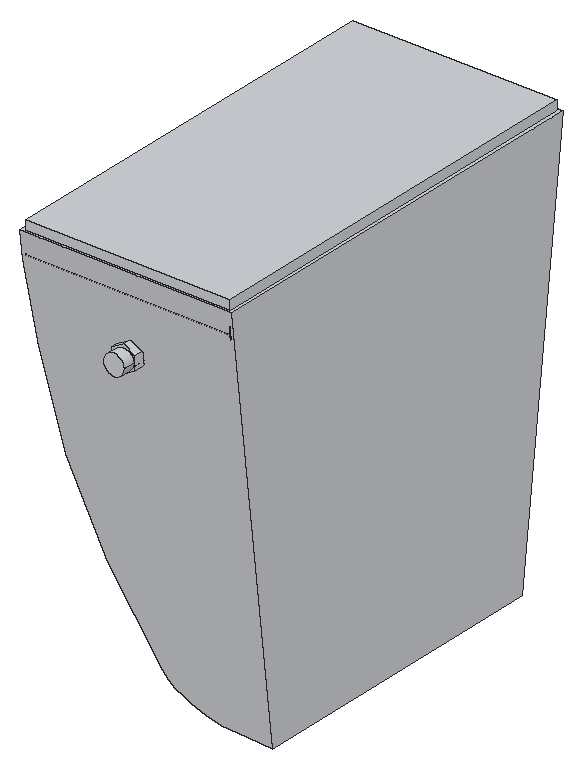
Revit family "0049945_3150lm", category Lighting Fixtures, host Face, Revit 2018
Family settings
  Host = Face
  Round Connector Dimension = Use Diameter
  Part Type = Normal
  OmniClass Number = 23.80.70.00
  OmniClass Title = Lighting
  Cut with Voids When Loaded = No
  Light Source = Yes
  Shared = No
  Room Calculation Point = No
Parameters (values of type "0049945 MURO SURF IP65 1700-3250LM 840 PH E3 GR")
  Weight = "n/a"
  Wattage Comments = ""
  Wattage = 0 W
  WarrantyStartDate [instance] = "n/a"
  WarrantyGuarantorParts = "n/a"
  WarrantyDurationUnit = "n/a"
  WarrantyDurationParts = ""
  WarrantyDescription = "http://www.sylvania-lighting.com"
  built-in parameter 1150110 = 1 (stored number, unit not read)
  Voltage = 0 V
  URL = "0.9"
  TypeName = "Muro Surface IP65 1700-3250lm 840 PH E3 Grey"
  Type Image = <None>
  Type Comments = "n/a"
  built-in parameter 1114217 = 1 (stored number, unit not read)
  Tilt Angle = -90.00°
  built-in parameter 1150109 = 1 (stored number, unit not read)
  built-in parameter 1150134 = 12
  built-in parameter 1150113 = 1 (stored number, unit not read)
  SerialNumber [instance] = "n/a"
  Photometric Web File = "0049945_3150lm.IES"
  Material_3_SYL = none
  PowerFactor = 0.95
  PowerConsumption = "Lighting"
  NominalLength = 155 mm
  NominalHeight = 305 mm
  NominalDepth = 155 mm
  Name = "Muro Surface IP65 1700-3250lm 840 PH E3 Grey"
  ModelReference = Name  # "Muro Surface IP65 1700-3250lm 840 PH E3 Grey"
  ModelNumber = "0049945"
  Model = Name  # "Muro Surface IP65 1700-3250lm 840 PH E3 Grey"
  Material = "Feilo Sylvania"
  ManufacturerName = "108 lm/W"
  Manufacturer = ""
  LuminousEfficacy = ""
  built-in parameter 1150105 = (empty or 0)
  Lumens = 0 lm
  LuminaireType = "0"
  built-in parameter 1150115 = 1 (stored number, unit not read)
  LightOutputRatio = "LED"
  built-in parameter 1150137 = (empty or 0)
  built-in parameter 1150139 = (empty or 0)
  LampsType = Lamp  # "n/a"
  LampNominalLuminous = "4000 K"
  LampMacAdamStep = "80"
  LampColourTemperature = "LED"
  LampColourRenderingIndex = "16500"
  built-in parameter 1150112 = 1 (stored number, unit not read)
  built-in parameter 1150114 = 1 (stored number, unit not read)
  Lamp = "n/a"
  Keynote = "n/a"
  InstallationDate [instance] = "n/a"
  InputVoltage = "0"
  InputNominalFrequency = "4000"
  built-in parameter 1150132 = (empty or 0)
  built-in parameter 1150102 = (empty or 0)
  built-in parameter 1150107 = 4000 (stored number, unit not read)
  built-in parameter 1150138 = (empty or 0)
  IngressProtection = "IfcLightFixtureType"
  ImpactProtectionIndex = "IfcLightFixtureType"
  built-in parameter 1150106 = (empty or 0)
  IfcExportType = "IfcLightFixtureType"
  IfcExportAs = "Class I"
  Emit from Circle Diameter = 609.6 mm
  Emit Shape Visible in Rendering = no
  ElectricShockClassification = "108"
  built-in parameter 1150104 = 11.334 (stored number, unit not read)
  DocumentationLiterature = "http://www.sylvania-lighting.com/product/en-int/products/0049945"
  DimmingControlOptions = "n/a"
  Material_2_SYL = none
  Dimming Lamp Color Temperature Shift = <None>
  Description = "Muro Surface is a wall mounted fixture for exterior lighting applications with 3 hours combined non-maintained emergency unit. Comes with aluminium housing in RAL7016 anthracite grey colour, frosted PC diffuser, IP65, IK10, Class I, 4000K, non-dimmable multipower driver with 5 settings, 1700 / 1900 / 2750 / 3150 / 3250 lm, 16 / 18 / 26 / 29 / 30 W, up to 109 lm/W total system efficacy, switchable built in Mini photocell, CRI80, Asymmetrical beam, 119.000 hrs L70B50 lifespan, 304 x 305 x 155 mm (L x W x D) dimensions, 4.32 kg weight."
  Default Elevation = 1219.2 mm
  CreatedOn = "27/06/2022"
  CreatedBy = "@sylvania-lighting.com"
  Cost = 0
  Color Filter = 16777215
  built-in parameter 1114216 [instance] = (empty or 0)
  ClassificationValue = "EF_70_80"
  ClassificationName = "Uniclass2015"
  Material_1_SYL = none
  BarCode [instance] = "n/a"
  built-in parameter 1114218 = 1 (stored number, unit not read)
  built-in parameter 1150133 = 10 (stored number, unit not read)
  AssetType = "Fixed"
  AssetIdentifier [instance] = "n/a"
  Assembly Code = "D5020200"
  Apparent Load = 30 VA
  Material_4_SYL = none
Reference planes
  plane 1 "Center (Front/Back)": y = 0
  plane 2: z = 0
  plane 3 "Center (Left/Right)": x = 0
  plane 4: x = -78
  plane 5: x = 78
  plane 6: z = -305
  plane 7: y = 150
  plane 8: y = -150
  plane 9: x = -75
  plane 10: x = 75
  plane 11: y = 115
  plane 12: y = -115
  plane 13: z = -65
  plane 14: x = -2
Forms (mm)
  Extrusion 1, solid
    sketch origin (0, 0, 0) x (1, 0, 0) y (0, 0, 1)
      loop
        line (78, -310) -> (78, -6.48) -> (-78, -6.48) -> (-78, -26.48) -> (-72.235, -85.387)
        arc (-72.235, -85.387) -> (-48.397, -189.323) -> (-0.704, -284.698) r 448.659
        arc (-0.704, -284.698) -> (5.844, -292.285) -> (14.114, -297.948) r 38.9
        line (14.114, -297.948) -> (19.517, -300.701)
        arc (19.517, -300.701) -> (35.277, -306.672) -> (51.956, -309.091) r 77.403
        line (51.956, -309.091) -> (78, -310)
    from -152 to 152
  Extrusion 2, solid
    sketch origin (0, 0, 0) x (1, 0, 0) y (0, 1, 0)
      loop
        line (75, 150) -> (-75, 150) -> (-75, -150) -> (75, -150) -> (75, 150)
    from -26.48 to 0
  Extrusion 3, void
    sketch origin (319, 1524, 1219.2) x (0, 1, 0) y (0, 0, 1)
      loop
        line (-1412.802, -1554.876) -> (-1285.02, -1554.876) -> (-1262, -1225.68) -> (-1372, -1225.68) -> (-1412.802, -1554.876)
    from -490.123 to 1
  Extrusion 4, void
    sketch origin (319, -1524, 1219.2) x (0, -1, 0) y (0, 0, -1)
      loop
        line (-1412.802, 1554.876) -> (-1372, 1225.68) -> (-1262, 1225.68) -> (-1285.02, 1554.876) -> (-1412.802, 1554.876)
    from -490.123 to 1
  Extrusion 5, solid
    sketch origin (0, 0, 0) x (1, 0, 0) y (0, 0, 1)
      loop
        circle (-2, -65) r 7.5
    from 0 to 160.393
  Extrusion 6, solid
    sketch origin (0, 0, 0) x (1, 0, 0) y (0, 0, 1)
      loop
        line (-2, -55) -> (-10.66, -60) -> (-10.66, -70) -> (-2, -75) -> (6.66, -70) -> (6.66, -60) -> (-2, -55)
    from 0 to 152
Cuts and joins
  Extrusion 3, Extrusion 4 cuts Extrusion 1
  Extrusion 4 cuts Extrusion 2
Dimensions and locks
  aligned and locked: plane 2 to host face
  aligned and locked: level to host face
Connectors
  electrical at (78, 0, -158.24)
    settings: on cut or joined group of Extrusion 1, Extrusion 3, Extrusion 4, index 1, voltage 0 V, apparent load 0 VA, apparent load phase1 0 VA, apparent load phase2 0 VA, apparent load phase3 0 VA, power factor 1, load classification "Other", number of poles 1, system type 31, power factor state 1, is connector primary yes, connector utility no, sub classification motor no, connector description ""
